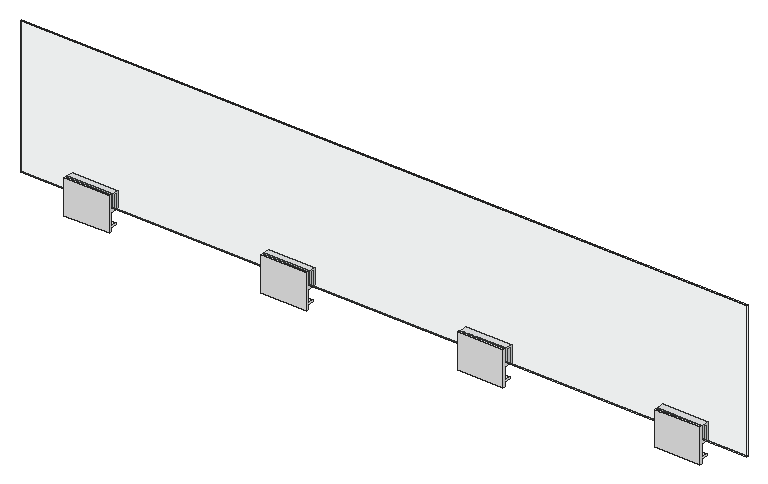
Revit family "Clarus_Divide Thinline_Top Clamp_R18", category Furniture, host Face, Revit 2018
Family settings
  Host = Face
  Cut with Voids When Loaded = No
  Shared = No
  Room Calculation Point = No
Parameters (values of type "6" Clamp - 96" Width")
  Width = 96"
  URL = "https://www.clarus.com/"
  TRC Standards [instance] = "http://therevitcollection.com/news/trc-news-the-revit-collection-standards-explained/"
  SingleArrayVis = Clamp Quantity < 2  # no
  Product URL = "https://www.clarus.com/divide-thinline/"
  MultiArrayVis = not(SingleArrayVis)  # yes
  More Revit Families! [instance] = "www.therevitcollection.com"
  Modeled By = "Commense Studio"  # constant formula
  Model = "Divide ThinLine"  # constant formula
  Manufacturer = "Clarus"  # constant formula
  Height Control = if(Height > 30", 30", Height)  # 18"
  Edge Offset = 6"  # constant formula
  Clarus Clamp [instance] = Clarus White
  Description = "Buckle down on your workspace challenges with Divide ThinLine from Clarus®. This beautifully\r\nengineered desk divider system boasts clean lines that won’t harm your existing offi ce furniture.\r\nSince no drilling is involved and all hardware screws are strategically hidden inside the clamps,\r\nDivide ThinLine seamlessly integrates and reduces visual distractions in your offi ce, all while\r\nmaintaining the overall aesthetic. Using this new patent pending state-of-the-art clamping system,\r\nDivide ThinLine can be easily installed at the back, side or along the center of a desk, giving you the\r\nfreedom to accommodate power cords, monitor arm att achments and more. You have the option to\r\nmix and match ThinLine Top, ThinLine Side and ThinLine Center hardware on the same table, which\r\nallows you to uniquely divide up your offi ce with stability and style."  # constant formula
  Height = 18"
  Designer = ""
  Glass Thickness = 1/4"
  Default Elevation = 0"
  Clarus Glass [instance] = Glass
  Clamp Width = 6"
  Clamp Quantity = 4
  Assembly Code = ""
  Array Control = if(Clamp Quantity < 2, 2, Clamp Quantity)  # 4
Types (11): name | Width | SingleArrayVis | MultiArrayVis | Clarus Clamp | Clarus Glass | Clamp Width | Clamp Quantity | Array Control
  12" Clamp - 36" Width | 36" | yes | no | Clarus Gray | none | 12" | 1 | 2
  6" Clamp - 36" Width | 36" | no | yes | Clarus Gray | none | 6" | 2 | 2
  2 1/2" Clamp - 30" Width | 30" | no | yes | Clarus Gray | none | 2 1/2" | 2 | 2
  6" Clamp - 66" Width | 66" | no | yes | Clarus Gray | none | 6" | 3 | 3
  6" Clamp - 96" Width | 96" | no | yes | Clarus White | Glass | 6" | 4 | 4
  2 1/2" Clamp - 48" Width | 48" | no | yes | Clarus Gray | none | 2 1/2" | 3 | 3
  2 1/2" Clamp - 66" Width | 66" | no | yes | Clarus Gray | none | 2 1/2" | 4 | 4
  2 1/2" Clamp - 84" Width | 84" | no | yes | Clarus Gray | none | 2 1/2" | 5 | 5
  2 1/2" Clamp - 96" Width | 96" | no | yes | Clarus Gray | none | 2 1/2" | 6 | 6
  12" Clamp - 72" Width | 72" | no | yes | Clarus Gray | none | 12" | 2 | 2
  12" Clamp - 96" Width | 96" | no | yes | Clarus Gray | none | 12" | 3 | 3
Reference planes (in)
  plane 1 "Center (Front/Back)": y = 0
  plane 2: z = 0
  plane 3 "Center (Left/Right)": x = 0
  plane 4 "L": x = -48
  plane 5 "R": x = 48
  plane 6 "F": y = -0.25
  plane 7: z = 18.5
  plane 8: x = -42
  plane 9: x = 42
  plane 10: z = 0.5
Forms (in)
  Extrusion 1, solid, material "Glass" <- "Clarus Glass"
    sketch origin (0, 0, 0) x (1, 0, 0) y (0, 1, 0)
      loop
        line (-48, 0) -> (-48, -0.25) -> (48, -0.25) -> (48, 0) -> (-48, 0)
    from 0.5 to 18.5
Dimensions and locks (in)
  equal spacing: plane 4 "L", plane 3 "Center (Left/Right)", plane 5 "R"
  "Width": plane 4 "L" to plane 5 "R"
  "Glass Thickness": plane 6 "F" to plane 1 "Center (Front/Back)"
  "Height": plane 7 to plane 10
  "Edge Offset": plane 4 "L" to plane 8
  "Edge Offset": plane 5 "R" to plane 9
  locked: plane 10 to level at 0.5
  equal spacing: group 1, group 3, group 4, group 2  (x3)
  aligned and locked: plane 2 to host face
  aligned and locked: level to host face
  aligned and locked: plane 7 to Extrusion 1
  aligned and locked: Extrusion 1 to plane 10
  aligned and locked: nested 1 to plane 6 "F"
  aligned and locked: plane 3 "Center (Left/Right)" to nested 1
  aligned and locked: nested 2 to plane 8
  aligned and locked: plane 9 to nested 3
Automatic sketch dimensions
  host sketch curve to host sketch curve = 96"
  host sketch curve to host sketch curve = 48 1/4"
  Extrusion 1 sketch curve to plane 4 "L" = 0"
  Extrusion 1 sketch curve to plane 5 "R" = 0"
  plane 6 "F" to Extrusion 1 sketch curve = 0"
  plane 1 "Center (Front/Back)" to Extrusion 1 sketch curve = 0"
Nested families (in)
  nested 1: "Thinline Top Clamp_R18" at (0, 0.875, 0), Core Finish <- "Clarus Clamp", visible <- "SingleArrayVis", type "Thinline Top Clamp_R18"
    with TRC Standards "http://therevitcollection.com/news/trc-news-the-revit-collection-standards-explained/", More Revit Families! "www.therevitcollection.com", Core Finish Clarus White
  nested 2: "Thinline Top Clamp_R18" at (-39, 0.875, 0), Core Finish <- "Clarus Clamp", visible <- "MultiArrayVis", type "Thinline Top Clamp_R18"
    with TRC Standards "http://therevitcollection.com/news/trc-news-the-revit-collection-standards-explained/", More Revit Families! "www.therevitcollection.com", Core Finish Clarus White
  nested 3: "Thinline Top Clamp_R18" at (39, 0.875, 0), Core Finish <- "Clarus Clamp", visible <- "MultiArrayVis", type "Thinline Top Clamp_R18"
    with TRC Standards "http://therevitcollection.com/news/trc-news-the-revit-collection-standards-explained/", More Revit Families! "www.therevitcollection.com", Core Finish Clarus White
  nested 4: "Thinline Top Clamp_R18" at (-13, 0.875, 0), Core Finish <- "Clarus Clamp", visible <- "MultiArrayVis", type "Thinline Top Clamp_R18"
    with TRC Standards "http://therevitcollection.com/news/trc-news-the-revit-collection-standards-explained/", More Revit Families! "www.therevitcollection.com", Core Finish Clarus White
  nested 5: "Thinline Top Clamp_R18" at (13, 0.875, 0), Core Finish <- "Clarus Clamp", visible <- "MultiArrayVis", type "Thinline Top Clamp_R18"
    with TRC Standards "http://therevitcollection.com/news/trc-news-the-revit-collection-standards-explained/", More Revit Families! "www.therevitcollection.com", Core Finish Clarus White
Definition of nested family "Thinline Top Clamp_R18"
  Parameters (values of type "Thinline Top Clamp_R18")
    Width = 6"
    URL = "https://www.clarus.com/"
    TRC Standards [instance] = "http://therevitcollection.com/news/trc-news-the-revit-collection-standards-explained/"
    Product URL = "https://www.clarus.com/be-shield/"
    More Revit Families! [instance] = "www.therevitcollection.com"
    Modeled By = "Commense Studio"  # constant formula
    Model = "be! Shield"  # constant formula
    Manufacturer = "Clarus"  # constant formula
    Core Finish [instance] = none
    Description = "be! Shield Leg Configs"  # constant formula
    Height = 4 7/16"
    Designer = ""
    Depth = 1 3/8"
    Default Elevation = 0"
    Assembly Code = ""
  Reference planes (in)
    plane 1 "Center (Front/Back)": y = 0
    plane 2: z = 0
    plane 3 "Center (Left/Right)": x = 0
    plane 4 "L": x = -3
    plane 5 "R": x = 3
    plane 6 "F": y = -1.375
    plane 7: z = 4.4375
  Forms (in)
    Extrusion 1, solid
      sketch origin (0, 0, 0) x (1, 0, 0) y (0, 1, 0)
        loop
          line (-48, 48) -> (-48, -48) -> (48, -48) -> (48, 48) -> (-48, 48)
      from 0 to -12
    Extrusion 2, solid, material <- "Core Finish"
      sketch origin (10.61611, 0, 0) x (0, 0, 1) y (0, -1, 0)
        loop
          line (2.125, 1.375) -> (-2.3125, 1.375) -> (-2.3125, 1.125) -> (-1.75135, 1.125) -> (-1.75135, 0.28125) -> (-1.50135, 0.28125) -> (-1.50135, 1.125) -> (0, 1.125) -> (0, 0.28125) -> (1.875, 0.28125) -> (1.875, 0.59375) -> (0.5, 0.59375) -> (0.5, 1.125) -> (2.125, 1.125) -> (2.125, 1.375)
        loop
          line (0.5625, 0.6875) -> (1.9375, 0.6875) -> (1.9375, 0.1875) -> (0.06115, 0.1875) -> (0.06115, 0) -> (2.125, 0) -> (2.125, 0.875) -> (0.5625, 0.875) -> (0.5625, 0.6875)
      from -13.61611 to -7.61611
  Dimensions and locks (in)
    equal spacing: plane 4 "L", plane 3 "Center (Left/Right)", plane 5 "R"
    "Width": plane 4 "L" to plane 5 "R"
    "Depth": plane 6 "F" to plane 1 "Center (Front/Back)"
    "Height": plane 7 to level
    aligned and locked: plane 2 to Extrusion 1
    aligned and locked: level to Extrusion 1
    aligned and locked: Extrusion 2 to plane 4 "L"
    aligned and locked: plane 5 "R" to Extrusion 2
  Automatic sketch dimensions
    Extrusion 1 sketch curve to Extrusion 1 sketch curve = 96"  (x2)
    Extrusion 2 sketch curve to plane 6 "F" = 0"
    Extrusion 2 sketch curve to level = 0"
    Extrusion 2 sketch curve to plane 6 "F" = 1/4"  (x3)
    Extrusion 2 sketch curve to level = 1.50135"
    Extrusion 2 sketch curve to Extrusion 2 sketch curve = 1/4"  (x3)
    Extrusion 2 sketch curve to Extrusion 2 sketch curve = 0.56115"
    Extrusion 2 sketch curve to Extrusion 2 sketch curve = 1/2"
    plane 1 "Center (Front/Back)" to Extrusion 2 sketch curve = 19/32"
    Extrusion 2 sketch curve to Extrusion 2 sketch curve = 1 3/8"
    plane 1 "Center (Front/Back)" to Extrusion 2 sketch curve = 9/32"  (x2)
    Extrusion 2 sketch curve to plane 1 "Center (Front/Back)" = 0"
    level to Extrusion 2 sketch curve = 0.06115"
    Extrusion 2 sketch curve to Extrusion 2 sketch curve = 1/16"  (x2)
    Extrusion 2 sketch curve to Extrusion 2 sketch curve = 3/16"
    Extrusion 2 sketch curve to Extrusion 2 sketch curve = 3/32"  (x2)
